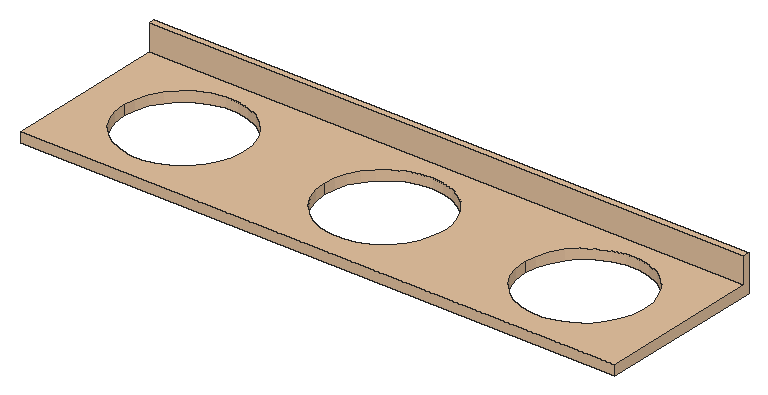
Revit family "Vanity_Counter_Top_w_3_Round_Sink_Holes_4169", category Шкафы, Revit 2017
Family settings
  На основе рабочей плоскости = Нет
  Всегда вертикально = Да
  При загрузке вырезать с полостями = Нет
  Общий = Да
  Точка расчета площади = Нет
Parameters (values of type "24" Depth")
  Код по классификатору = "C1030400"
  Counter Thickness = 0' - 1 1/2"
  Counter Top Material = none
  Глубина: = 2' - 1"
  Height = 2' - 7"
  Length [instance] = 7' - 5"
  Sink Location [instance] = 1' - 2 1/2"
  Sink Location To Wall [instance] = 0' - 4"
  Sink Opening Width [instance] = 1' - 5"
Reference planes (in)
  plane 1 "Back": y = 0
  plane 2: z = 0
  plane 3 "Left": x = -52.2623
  plane 4 "Right": x = 36.7377
  plane 5 "Front": y = -25
  plane 6 "Top": z = 31
  plane 7 "Top Of Cabinet": z = 29.5
  plane 8: y = -0.75
  plane 9: z = 35
  plane 10: x = -37.7623
  plane 11: y = -4
  plane 12: x = -29.2623
  plane 13: x = -46.2623
  plane 14: y = -12.5
  plane 15: y = -21
  plane 16: x = 22.2377
  plane 17: x = -7.7623
  plane 18: x = -16.2623
  plane 19: x = 0.7377
Forms (in)
  Extrusion 1, solid, material <- "Counter Top Material"
    sketch origin (0, 0, 0) x (1, 0, 0) y (0, 1, 0)
      loop
        line (-52.2623, 0) -> (-52.2623, -25) -> (36.7377, -25) -> (36.7377, 0) -> (-52.2623, 0)
    from 29.5 to 31
  Extrusion 2, solid, material <- "Counter Top Material"
    sketch origin (0, 0, 0) x (1, 0, 0) y (0, 1, 0)
      loop
        line (36.7377, 0) -> (-52.2623, 0) -> (-52.2623, -0.75) -> (36.7377, -0.75) -> (36.7377, 0)
    from 31 to 35
  Extrusion 3, void
    sketch origin (0, 0, 0) x (1, 0, 0) y (0, 1, 0)
      loop
        circle (-37.7623, -12.5) r 9
    from 29.5 to 31
  Extrusion 4, void
    sketch origin (60, 0, 0) x (1, 0, 0) y (0, 1, 0)
      loop
        circle (-37.7623, -12.5) r 9
    from 29.5 to 31
  Extrusion 5, void
    sketch origin (0, 0, 0) x (1, 0, 0) y (0, 1, 0)
      loop
        circle (-7.7623, -12.5) r 9
    from 29 to 31.5
Cuts and joins
  Extrusion 3, Extrusion 4, Extrusion 5 cuts Extrusion 1
  Extrusion 3, Extrusion 4, Extrusion 5 cuts Extrusion 2
  joined: Extrusion 1, Extrusion 2
Lines and regions (in)
  Masking region 1
    outline origin (0, 0, 29.5) x (-1, 0, 0) y (0, -1, 0)
      loop
        line (52.2623, 0) -> (52.2623, 25) -> (-36.7377, 25) -> (-36.7377, 0) -> (52.2623, 0)
  symbolic lines, style "Counter Top"
    curve 1: line (-52.2623, -0.75, 29.5) -> (36.7377, -0.75, 29.5)
  symbolic lines, style "Sink Opening"
    curve 2: arc (-29.2623, -12.5, 29.5) -> (-37.7623, -4, 29.5) -> (-46.2623, -12.5, 29.5) r 8.5
    curve 3: arc (-46.2623, -12.5, 29.5) -> (-37.7623, -21, 29.5) -> (-29.2623, -12.5, 29.5) r 8.5
    curve 4: arc (30.7377, -12.5, 29.5) -> (22.2377, -4, 29.5) -> (13.7377, -12.5, 29.5) r 8.5
    curve 5: arc (13.7377, -12.5, 29.5) -> (22.2377, -21, 29.5) -> (30.7377, -12.5, 29.5) r 8.5
  symbolic lines
    curve 6: circle (-7.7623, -12.5, 0) r 8.5 normal (0, 0, 1)
Dimensions and locks (in)
  "Глубина:": plane 5 "Front" to plane 1 "Back"
  "Length": plane 3 "Left" to plane 4 "Right"
  "Height": level to plane 6 "Top"
  "Counter Thickness": plane 7 "Top Of Cabinet" to plane 6 "Top"
  locked: plane 8 to plane 1 "Back" at 0.75
  plane 6 "Top" to plane 9 = 0' - 4"
  "Sink Opening Width": plane 13 to plane 12
  "Sink Location": plane 3 "Left" to plane 10
  "Sink Location To Wall": plane 11 to plane 1 "Back"
  equal spacing: plane 15, plane 14, plane 11
  "Sink Opening Width": plane 15 to plane 11
  "Sink Location": plane 16 to cut or joined group of Extrusion 1, Extrusion 2, Extrusion 3, Extrusion 4, Extrusion 5
  equal spacing: plane 18, plane 17, plane 19, locked at 8.5 each
  equal spacing: plane 3 "Left", plane 17, plane 4 "Right"
  aligned and locked: plane 1 "Back" to Extrusion 1 sketch curve
  aligned and locked: plane 4 "Right" to Extrusion 1 sketch curve
  aligned and locked: Extrusion 1 sketch curve to plane 5 "Front"
  aligned and locked: Extrusion 1 sketch curve to plane 3 "Left"
  aligned and locked: Extrusion 1 to plane 6 "Top"
  aligned and locked: Extrusion 1 to plane 7 "Top Of Cabinet"
  aligned and locked: Extrusion 2 sketch curve to plane 1 "Back"
  aligned and locked: plane 8 to Extrusion 2 sketch curve
  aligned and locked: Extrusion 2 sketch curve to plane 4 "Right"
  aligned and locked: plane 3 "Left" to Extrusion 2 sketch curve
  aligned and locked: Extrusion 2 to plane 9
  aligned and locked: Extrusion 2 to plane 6 "Top"
  aligned and locked: plane 6 "Top" to Extrusion 3
  aligned and locked: Extrusion 1 to Extrusion 3
  aligned and locked: plane 4 "Right" to Masking region 1 sketch curve
  aligned and locked: Masking region 1 sketch curve to plane 5 "Front"
  aligned and locked: plane 1 "Back" to Masking region 1 sketch curve
  aligned and locked: Masking region 1 sketch curve to plane 3 "Left"
Automatic sketch dimensions
  Extrusion 3 sketch curve to Extrusion 3 sketch curve = 0' - 0"  (x2)
  Extrusion 3 sketch curve to plane 14 = 0' - 0"
  Extrusion 3 sketch curve to plane 10 = 0' - 0"
  plane 13 to Extrusion 3 sketch curve = 0' - 0 1/2"
  Extrusion 4 sketch curve to Extrusion 4 sketch curve = 0' - 0"  (x2)
  Extrusion 4 sketch curve to plane 14 = 0' - 0"
  plane 4 "Right" to Extrusion 4 sketch curve = 1' - 11 1/2"
  Extrusion 4 sketch curve to Extrusion 4 sketch curve = 0' - 9"
  curve 1 to plane 4 "Right" = 0' - 0"
  curve 4 to plane 14 = 0' - 0"
  curve 2 to plane 12 = 0' - 0"
  curve 3 to plane 10 = 0' - 0"
  curve 1 to plane 3 "Left" = 0' - 0"
  curve 1 to plane 8 = 0' - 0"
  curve 2 to plane 14 = 0' - 0"
  plane 4 "Right" to curve 4 = 0' - 6"
  curve 4 to curve 5 = 0' - 8 1/2"
  Extrusion 5 sketch curve to plane 14 = 0' - 0"
  Extrusion 5 sketch curve to plane 17 = 0' - 0"
  curve 6 to plane 14 = 0' - 0"
  curve 6 to plane 17 = 0' - 0"
  radius of Extrusion 5 sketch curve = 0' - 9"
  radius of curve 6 = 0' - 8 1/2"
